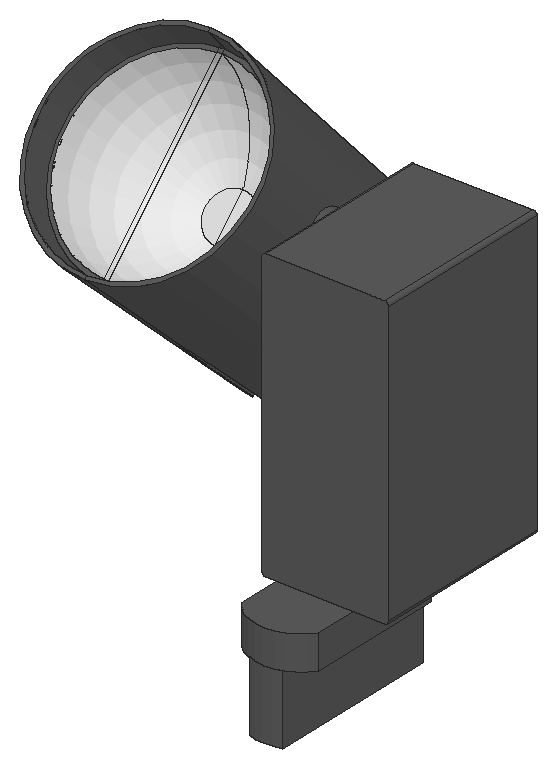
Revit family "0004940 Feilo Sylvania Lighting Fixture START TRACK SPOT S DALI 1262LM 930 WB BLK", category Lighting Fixtures, host Face, Revit 2017
Family settings
  Host = Face
  Round Connector Dimension = Use Diameter
  Part Type = Normal
  OmniClass Number = 23.80.70.00
  OmniClass Title = Lighting
  Cut with Voids When Loaded = No
  Light Source = No
  Shared = No
  Room Calculation Point = No
Parameters (values of type "0004940 START TRACK SPOT S DALI 1262LM 930 WB BLK")
  Weight = "0.94 kg"
  Wattage Comments = ""
  WarrantyStartDate [instance] = "n/a"
  WarrantyGuarantorParts = "n/a"
  WarrantyDurationUnit = "n/a"
  WarrantyDurationParts = "n/a"
  WarrantyDescription = "n/a"
  Voltage = 230 V
  URL = "http://www.sylvania-lighting.com/"
  TypeName = "START TRACK SPOT S DALI 1262LM 930 WB BLK"
  TypeHead_FEILO = Start Track Spot Head : 0004885 START TRACK SPOT S 14W 3K RA90 WB BLACK
  TypeBox_FEILO = Start Track Spot Box : Type Small Black
  Type Image = <None>
  Type Comments = "n/a"
  VerticalRotation_FEILO [instance] = 0.00°
  SlideEndAngle_FEILO [instance] = VerticalRotation_FEILO + 180.00°  # 180.00°
  SerialNumber [instance] = "n/a"
  Material_3_FEILO = none
  PowerFactor = 0.92
  PowerConsumption = "14 W"
  NominalLength = 0 mm
  NominalHeight = 200 mm
  NominalDepth = 140 mm
  Name = "START TRACK SPOT S DALI 1262LM 930 WB BLK"
  ModelReference = Name  # "START TRACK SPOT S DALI 1262LM 930 WB BLK"
  ModelNumber = "0004940"
  Model = Name  # "START TRACK SPOT S DALI 1262LM 930 WB BLK"
  Material = "adc12 aluminium housing, polycarbonate diffuser"
  ManufacturerName = "Feilo Sylvania"
  Manufacturer = "Feilo Sylvania"
  LuminousEfficacy = "90 lm/W"
  LuminaireType = ""
  LightOutputRatio = "100"
  LampsType = Lamp  # "LED"
  LampNominalLuminous = "1262 lm"
  LampMacAdamStep = "3"
  LampColourTemperature = "3000 K"
  LampColourRenderingIndex = "90"
  Lamp = "LED"
  Keynote = "16500"
  InstallationDate [instance] = "n/a"
  InputVoltage = "230-240V~"
  InputNominalFrequency = "50/60 Hz"
  IngressProtection = "IP20"
  ImpactProtectionIndex = "IK02"
  IfcExportType = "IfcLightFixtureType"
  IfcExportAs = "IfcLightFixtureType"
  HorizontalRotation_FEILO [instance] = 45.00°
  ExpectedLife = 50000
  ElectricShockClassification = "Class II"
  DurationUnit = "hours"
  DocumentationLiterature = "http://www.sylvania-lighting.com/product/en-int/products/0004885"
  DimmingControlOptions = "Dimmable"
  Material_2_FEILO = none
  Description = "Integrated LED spotlight, Textured Black - RAL9005, compact and minimalist design, ideal for retail applications, die-cast aluminium body, passive cooling heatsink. Beam angle: 64°, color temperature: 3000K , total system power: 14W, total fixture output: 1262 lm, LOR: 100%, colour rendering: Ra: 90 typical, LED Chromaticity: 3 step MacAdam ellipse, lifetime: >50000 hours at L70B50, energy class: A++, A+, A, IR/UV free light source without heat radiation, operating voltage: 220-240V / 50-60Hz, drive current: 350mA, electronic driver, non-dimmable, power factor: 0.92, electrical protection: Class II, Global Track 3 Phase adapter suitable for Global trac 3-circuit tracks, ingress protection rating: IP20, suitable for internal environment only, horizontal rotation: 355°, vertical tilt: 90°, dimensions: Ø86x140x200, weight: 0.940kg."
  Default Elevation = 1219.2 mm
  CreatedOn = "04/26/2018"
  CreatedBy = ""
  Cost = 0
  built-in parameter 1114216 [instance] = (empty or 0)
  ClassificationValue = "EF_70_80"
  ClassificationName = "Uniclass2015"
  Material_1_FEILO = Body-Sylvania-StartTrackSpot-Black
  BarCode [instance] = "n/a"
  AssetType = "Fixed"
  AssetIdentifier [instance] = "n/a"
  Assembly Code = "D5020200"
  Apparent Load = 14 VA
  Material_4_FEILO = none
Reference planes
  plane 1 "Center (Front/Back)": y = 0
  plane 2: z = 0
  plane 3 "Center (Left/Right)": x = 0
  plane 4: x = 15
  plane 5: x = -15
  plane 6: y = 35
  plane 7: y = -35
  plane 8: z = 13
  plane 9: z = -27
  plane 10: x = 6.5
  plane 11: x = -6.5
  plane 12: y = 27
  plane 13: y = -27
  plane 14: y = 20
Forms (mm)
  Extrusion 1, solid, material "Body-Sylvania-StartTrackSpot-Black" <- "Material_1_FEILO"
    sketch origin (0, 0, 0) x (1, 0, 0) y (0, 1, 0)
      loop
        line (-15, 27) -> (-15, -27)
        arc (-15, -27) -> (0, -35) -> (15, -27) r 18.062
        line (15, -27) -> (15, 27)
        arc (15, 27) -> (0, 35) -> (-15, 27) r 18.062
    from 0 to 13
  Extrusion 2, solid, material "Body-Sylvania-StartTrackSpot-Black" <- "Material_1_FEILO"
    sketch origin (0, 0, 0) x (1, 0, 0) y (0, 1, 0)
      loop
        arc (6.5, 33.79) -> (0, 35) -> (-6.5, 33.79) r 18.062
        line (-6.5, 33.79) -> (-6.5, -33.79)
        arc (-6.5, -33.79) -> (0, -35) -> (6.5, -33.79) r 18.062
        line (6.5, -33.79) -> (6.5, 33.79)
    from 0 to -27
  Revolve 3, solid, not visible
    sketch origin (1524, 20, 1219.2) x (1, 0, 0) y (0, 0, 1)
      loop
        line (-1524, -1206.2) -> (-1524, -1191.285) -> (-1530.5, -1191.285) -> (-1530.5, -1206.2) -> (-1524, -1206.2)
      axis (-1524, -1191.285) -> (-1524, -1206.2)
    angle from 0 <- "VerticalRotation_FEILO" to 180 <- "SlideEndAngle_FEILO"
Cuts and joins
  joined: Extrusion 1, Extrusion 2
Dimensions and locks
  equal spacing: plane 10, plane 3 "Center (Left/Right)", plane 11
  equal spacing: plane 4, plane 3 "Center (Left/Right)", plane 5
  locked: plane 8 to plane 2 at 13
  locked: plane 8 to plane 9 at 40
  equal spacing: plane 13, plane 1 "Center (Front/Back)", plane 12
  locked: plane 12 to plane 6 at 8
  locked: plane 14 to plane 6 at 15
  locked: Revolve 3 sketch curve to plane 8 at 14.915
  aligned and locked: plane 2 to host face
  aligned and locked: level to host face
  aligned and locked: plane 5 to Extrusion 1 sketch curve  (x2)
  aligned and locked: plane 12 to Extrusion 1 sketch curve
  aligned and locked: plane 13 to Extrusion 1 sketch curve
  aligned and locked: plane 4 to Extrusion 1 sketch curve
  aligned and locked: Extrusion 1 to plane 8
  aligned and locked: Extrusion 1 to level
  aligned and locked: Extrusion 2 sketch curve to Extrusion 1  (x2)
  aligned and locked: Extrusion 2 sketch curve to plane 11
  aligned and locked: plane 10 to Extrusion 2 sketch curve
  aligned and locked: plane 9 to Extrusion 2
  aligned and locked: level to Extrusion 2
  aligned and locked: Revolve 3 sketch curve to plane 3 "Center (Left/Right)"  (x2)
  aligned and locked: plane 11 to Revolve 3 sketch curve
  aligned and locked: Revolve 3 sketch curve to plane 8
Automatic sketch dimensions
  host sketch curve to host sketch curve = 2438.4 mm  (x2)
  Extrusion 1 sketch curve to plane 3 "Center (Left/Right)" = 0 mm  (x2)
  Extrusion 1 sketch curve to plane 13 = 10.062 mm
  plane 12 to Extrusion 1 sketch curve = 10.062 mm
  Revolve 3 sketch curve to plane 3 "Center (Left/Right)" = 0 mm
  plane 9 to Revolve 3 sketch curve = 582.6 mm
  Revolve 3 sketch curve to Revolve 3 sketch curve = 2581.144 mm
Nested families
  nested 1: "Start Track Spot Head" at (-62, 20, 112.529) x (0, 0.7071, 0.7071) z (0, 0.7071, -0.7071), type <- "TypeHead_FEILO", type "0004885 START TRACK SPOT S 14W 3K RA90 WB BLACK"
    with built-in parameter 1114216 (empty or 0)
  nested 2: "Start Track Spot Box" at (8.5, 20, 73) x (-1, 0, 0) z (0, -1, 0), BoxStartAngle_FEILO <- "HorizontalRotation_FEILO", type <- "TypeBox_FEILO", type "Type Small Black"
    with BoxStartAngle_FEILO 45.00°, BoxEndAngle_FEILO -135.00°
Connectors
  electrical at (0, 0, 0), driven by "Apparent Load", driven by "PowerFactor", driven by "Voltage"
    settings: index 1, voltage 230 V, apparent load 14 VA, apparent load phase1 0 VA, apparent load phase2 0 VA, apparent load phase3 0 VA, power factor 0.92, load classification "Lighting", number of poles 1, system type 30, power factor state 1, is connector primary yes, connector utility no, sub classification motor no, connector description ""
Definition of nested family "Start Track Spot Head"
  Parameters (values of type "0004811 START TRACK SPOT S 14W 3K RA80 NB WHITE")
    Wattage Comments = "n/a"
    Wattage = 14 W
    built-in parameter 1150110 = 1 (stored number, unit not read)
    URL = "http://www.feilosylvania.com"
    Type Image = (empty or 0)
    Type Comments = "n/a"
    built-in parameter 1114217 = 1 (stored number, unit not read)
    Tilt Angle = -90.00°
    built-in parameter 1150109 = 1 (stored number, unit not read)
    built-in parameter 1150134 = (empty or 0)
    built-in parameter 1150113 = 1 (stored number, unit not read)
    Photometric Web File = "0004811.ies"
    Material_3_FEILO = none
    Model = "START TRACK SPOT S 14W 3K RA80 NB WHITE"
    Manufacturer = "Feilo Sylvania"
    built-in parameter 1150105 = 123.66 (stored number, unit not read)
    Lumens = 1554 lm
    built-in parameter 1150115 = 1 (stored number, unit not read)
    built-in parameter 1150137 = (empty or 0)
    built-in parameter 1150139 = (empty or 0)
    built-in parameter 1150112 = 1 (stored number, unit not read)
    built-in parameter 1150114 = 1 (stored number, unit not read)
    Lamp = "LED"
    Keynote = "16500"
    Material_2_FEILO = none
    built-in parameter 1150132 = (empty or 0)
    built-in parameter 1150102 = (empty or 0)
    built-in parameter 1150107 = 3000 (stored number, unit not read)
    built-in parameter 1150138 = (empty or 0)
    built-in parameter 1150106 = 1.2366 (stored number, unit not read)
    HeadThickness_FEILO = if(HeadDiaOut_FEILO > 112 mm, 2 mm, 1.5 mm)  # 1.5 mm
    HeadRibOffset_FEILO = HeadHeight_FEILO / 28  # 4.179 mm
    HeadRibDepth_FEILO = HeadHeight_FEILO / 2.1  # 55.714 mm
    HeadRibCutWidth_FEILO = HeadDiaOut_FEILO / 12  # 7.167 mm
    HeadRibCutOffset_FEILO = HeadHeight_FEILO / 2.3  # 50.87 mm
    HeadReflectorRadius_FEILO = HeadDiaOut_FEILO / 1.7  # 50.588 mm
    HeadReflectorOffset_FEILO = HeadHeight_FEILO / 2.1  # 55.714 mm
    HeadLEDRadius_FEILO = HeadDiaOut_FEILO / 9  # 9.556 mm
    HeadHeight_FEILO = 117 mm
    HeadDraft_FEILO = 1 mm
    HeadDiffusorThickness_FEILO = 3 mm
    HeadDiffusorOffset_FEILO = HeadHeight_FEILO / 12.4  # 9.435 mm
    HeadDiaOut_FEILO = 86 mm
    HeadDiaIn_FEILO = HeadDiaOut_FEILO / 1.11  # 77.477 mm
    HeadAxisFromTop_FEILO = HeadHeight_FEILO / 1.687  # 69.354 mm
    Emit from Circle Diameter = HeadDiaIn_FEILO  # 77.477 mm
    Emit Shape Visible in Rendering = no
    built-in parameter 1150104 = 10.312 (stored number, unit not read)
    Dimming Lamp Color Temperature Shift = (empty or 0)
    Description = "Integrated LED spotlight, Textured White - RAL9016, compact and minimalist design, ideal for retail applications, die-cast aluminium body, passive cooling heatsink. Beam angle: 12°, color temperature: 3000K , total system power: 14W, total fixture output: 1551 lm, LOR: 100%, colour rendering: Ra: 80 typical, LED Chromaticity: 3 step MacAdam ellipse, lifetime: >50000 hours at L70B50, energy class: A++, A+, A, IR/UV free light source without heat radiation, operating voltage: 220-240V / 50-60Hz, drive current: 350mA, electronic driver, non-dimmable, power factor: 0.92, electrical protection: Class II, Global Track 3 Phase adapter suitable for Global trac 3-circuit tracks, ingress protection rating: IP20, suitable for internal environment only, horizontal rotation: 355°, vertical tilt: 90°, dimensions: Ø86x140x200, weight: 0.940kg."
    Default Elevation = 1219.2 mm
    Cost = 0
    Color Filter = 16777215
    built-in parameter 1114216 [instance] = (empty or 0)
    Material_1_FEILO = none
    built-in parameter 1114218 = 1 (stored number, unit not read)
    built-in parameter 1150133 = 10 (stored number, unit not read)
    Assembly Code = "D5020200"
    Apparent Load = 14 VA
    Material_4_FEILO = none
  Types (96, lengths in mm): name | Wattage | built-in parameter 1150134 | Photometric Web File | Model | built-in parameter 1150105 | Lumens | built-in parameter 1150107 | built-in parameter 1150106 | HeadThickness_FEILO | HeadRibOffset_FEILO | HeadRibDepth_FEILO | HeadRibCutWidth_FEILO | HeadRibCutOffset_FEILO | HeadReflectorRadius_FEILO | HeadReflectorOffset_FEILO | HeadLEDRadius_FEILO | HeadHeight_FEILO | HeadDiffusorOffset_FEILO | HeadDiaOut_FEILO | HeadDiaIn_FEILO | HeadAxisFromTop_FEILO | Emit from Circle Diameter | built-in parameter 1150104 | Description | Apparent Load
    0004906 START TRACK SPOT L 55W 4K RA90 WB BLACK | 55 W | 12 | "0004906.ies" | "START TRACK SPOT L 55W 4K RA90 WB BLACK" | 385.15 (stored number, unit not read) | 4840 lm | 4000 (stored number, unit not read) | 3.8515 (stored number, unit not read) | 2 | 4.429 | 59.048 | 9.417 | 53.913 | 66.471 | 59.048 | 12.556 | 124 | 10 | 113 | 101.802 | 73.503 | 101.802 | 8.1755 (stored number, unit not read) | "Integrated LED spotlight, Textured Black - RAL9005, compact and minimalist design, ideal for retail applications, die-cast aluminium body, passive cooling heatsink. Beam angle: 52°, color temperature: 4000K , total system power: 55W, total fixture output: 4824 lm, LOR: 100%, colour rendering: Ra: 90 typical, LED Chromaticity: 3 step MacAdam ellipse, lifetime: >50000 hours at L70B50, energy class: A++, A+, A, IR/UV free light source without heat radiation, operating voltage: 220-240V / 50-60Hz, drive current: 1400mA, electronic driver, non-dimmable, power factor: 0.96, electrical protection: Class II, Global Track 3 Phase adapter suitable for Global trac 3-circuit tracks, ingress protection rating: IP20, suitable for internal environment only, horizontal rotation: 355°, vertical tilt: 90°, dimensions: Ø113x164x240, weight: 1.398kg." | 55 VA
    0004905 START TRACK SPOT L 55W 4K RA90 MB BLACK | 55 W | 12 | "0004905.ies" | "START TRACK SPOT L 55W 4K RA90 MB BLACK" | 389.53 (stored number, unit not read) | 4895 lm | 4000 (stored number, unit not read) | 3.8953 (stored number, unit not read) | 2 | 4.429 | 59.048 | 9.417 | 53.913 | 66.471 | 59.048 | 12.556 | 124 | 10 | 113 | 101.802 | 73.503 | 101.802 | 8.2684 (stored number, unit not read) | "Integrated LED spotlight, Textured Black - RAL9005, compact and minimalist design, ideal for retail applications, die-cast aluminium body, passive cooling heatsink. Beam angle: 38°, color temperature: 4000K , total system power: 55W, total fixture output: 4897 lm, LOR: 100%, colour rendering: Ra: 90 typical, LED Chromaticity: 3 step MacAdam ellipse, lifetime: >50000 hours at L70B50, energy class: A++, A+, A, IR/UV free light source without heat radiation, operating voltage: 220-240V / 50-60Hz, drive current: 1400mA, electronic driver, non-dimmable, power factor: 0.96, electrical protection: Class II, Global Track 3 Phase adapter suitable for Global trac 3-circuit tracks, ingress protection rating: IP20, suitable for internal environment only, horizontal rotation: 355°, vertical tilt: 90°, dimensions: Ø113x164x240, weight: 1.398kg." | 55 VA
    0004904 START TRACK SPOT L 55W 4K RA90 NB BLACK | 55 W | 12 | "0004904.ies" | "START TRACK SPOT L 55W 4K RA90 NB BLACK" | 393.91 (stored number, unit not read) | 4950 lm | 4000 (stored number, unit not read) | 3.9391 (stored number, unit not read) | 2 | 4.429 | 59.048 | 9.417 | 53.913 | 66.471 | 59.048 | 12.556 | 124 | 10 | 113 | 101.802 | 73.503 | 101.802 | 8.3613 (stored number, unit not read) | "Integrated LED spotlight, Textured Black - RAL9005, compact and minimalist design, ideal for retail applications, die-cast aluminium body, passive cooling heatsink. Beam angle: 15°, color temperature: 4000K , total system power: 55W, total fixture output: 4965 lm, LOR: 100%, colour rendering: Ra: 90 typical, LED Chromaticity: 3 step MacAdam ellipse, lifetime: >50000 hours at L70B50, energy class: A++, A+, A, IR/UV free light source without heat radiation, operating voltage: 220-240V / 50-60Hz, drive current: 1400mA, electronic driver, non-dimmable, power factor: 0.96, electrical protection: Class II, Global Track 3 Phase adapter suitable for Global trac 3-circuit tracks, ingress protection rating: IP20, suitable for internal environment only, horizontal rotation: 355°, vertical tilt: 90°, dimensions: Ø113x164x240, weight: 1.398kg." | 55 VA
    0004903 START TRACK SPOT L 35W 4K RA90 WB BLACK | 35 W | 12 | "0004903.ies" | "START TRACK SPOT L 35W 4K RA90 WB BLACK" | 284.09 (stored number, unit not read) | 3570 lm | 4000 (stored number, unit not read) | 2.8409 (stored number, unit not read) | 2 | 4.429 | 59.048 | 9.417 | 53.913 | 66.471 | 59.048 | 12.556 | 124 | 10 | 113 | 101.802 | 73.503 | 101.802 | 9.4761 (stored number, unit not read) | "Integrated LED spotlight, Textured Black - RAL9005, compact and minimalist design, ideal for retail applications, die-cast aluminium body, passive cooling heatsink. Beam angle: 52°, color temperature: 4000K , total system power: 35W, total fixture output: 3562 lm, LOR: 100%, colour rendering: Ra: 90 typical, LED Chromaticity: 3 step MacAdam ellipse, lifetime: >50000 hours at L70B50, energy class: A++, A+, A, IR/UV free light source without heat radiation, operating voltage: 220-240V / 50-60Hz, drive current: 900mA, electronic driver, non-dimmable, power factor: 0.93, electrical protection: Class II, Global Track 3 Phase adapter suitable for Global trac 3-circuit tracks, ingress protection rating: IP20, suitable for internal environment only, horizontal rotation: 355°, vertical tilt: 90°, dimensions: Ø113x164x240, weight: 1.368kg." | 35 VA
    0004902 START TRACK SPOT L 35W 4K RA90 MB BLACK | 35 W | 12 | "0004902.ies" | "START TRACK SPOT L 35W 4K RA90 MB BLACK" | 286.88 (stored number, unit not read) | 3605 lm | 4000 (stored number, unit not read) | 2.8688 (stored number, unit not read) | 2 | 4.429 | 59.048 | 9.417 | 53.913 | 66.471 | 59.048 | 12.556 | 124 | 10 | 113 | 101.802 | 73.503 | 101.802 | 9.569 (stored number, unit not read) | "Integrated LED spotlight, Textured Black - RAL9005, compact and minimalist design, ideal for retail applications, die-cast aluminium body, passive cooling heatsink. Beam angle: 38°, color temperature: 4000K , total system power: 35W, total fixture output: 3616 lm, LOR: 100%, colour rendering: Ra: 90 typical, LED Chromaticity: 3 step MacAdam ellipse, lifetime: >50000 hours at L70B50, energy class: A++, A+, A, IR/UV free light source without heat radiation, operating voltage: 220-240V / 50-60Hz, drive current: 900mA, electronic driver, non-dimmable, power factor: 0.93, electrical protection: Class II, Global Track 3 Phase adapter suitable for Global trac 3-circuit tracks, ingress protection rating: IP20, suitable for internal environment only, horizontal rotation: 355°, vertical tilt: 90°, dimensions: Ø113x164x240, weight: 1.368kg." | 35 VA
    0004901 START TRACK SPOT L 35W 4K RA90 NB BLACK | 35 W | 12 | "0004901.ies" | "START TRACK SPOT L 35W 4K RA90 NB BLACK" | 286.88 (stored number, unit not read) | 3605 lm | 4000 (stored number, unit not read) | 2.8688 (stored number, unit not read) | 2 | 4.429 | 59.048 | 9.417 | 53.913 | 66.471 | 59.048 | 12.556 | 124 | 10 | 113 | 101.802 | 73.503 | 101.802 | 9.569 (stored number, unit not read) | "Integrated LED spotlight, Textured Black - RAL9005, compact and minimalist design, ideal for retail applications, die-cast aluminium body, passive cooling heatsink. Beam angle: 15°, color temperature: 4000K , total system power: 35W, total fixture output: 3593 lm, LOR: 100%, colour rendering: Ra: 90 typical, LED Chromaticity: 3 step MacAdam ellipse, lifetime: >50000 hours at L70B50, energy class: A++, A+, A, IR/UV free light source without heat radiation, operating voltage: 220-240V / 50-60Hz, drive current: 900mA, electronic driver, non-dimmable, power factor: 0.93, electrical protection: Class II, Global Track 3 Phase adapter suitable for Global trac 3-circuit tracks, ingress protection rating: IP20, suitable for internal environment only, horizontal rotation: 355°, vertical tilt: 90°, dimensions: Ø113x164x240, weight: 1.368kg." | 35 VA
    0004900 START TRACK SPOT S 24W 4K RA90 WB BLACK | 24 W | 12 | "0004900.ies" | "START TRACK SPOT S 24W 4K RA90 WB BLACK" | 166.16 (stored number, unit not read) | 2088 lm | 4000 (stored number, unit not read) | 1.6616 (stored number, unit not read) | 1.5 | 4.179 | 55.714 | 7.167 | 50.87 | 50.588 | 55.714 | 9.556 | 117 | 9.435 | 86 | 77.477 | 69.354 | 77.477 | 8.0826 (stored number, unit not read) | "Integrated LED spotlight, Textured Black - RAL9005, compact and minimalist design, ideal for retail applications, die-cast aluminium body, passive cooling heatsink. Beam angle: 64°, color temperature: 4000K , total system power: 24W, total fixture output: 2087 lm, LOR: 100%, colour rendering: Ra: 90 typical, LED Chromaticity: 3 step MacAdam ellipse, lifetime: >50000 hours at L70B50, energy class: A++, A+, A, IR/UV free light source without heat radiation, operating voltage: 220-240V / 50-60Hz, drive current: 600mA, electronic driver, non-dimmable, power factor: 0.95, electrical protection: Class II, Global Track 3 Phase adapter suitable for Global trac 3-circuit tracks, ingress protection rating: IP20, suitable for internal environment only, horizontal rotation: 355°, vertical tilt: 90°, dimensions: Ø86x140x200, weight: 0.966kg." | 24 VA
    0004899 START TRACK SPOT S 24W 4K RA90 MB BLACK | 24 W | 12 | "0004899.ies" | "START TRACK SPOT S 24W 4K RA90 MB BLACK" | 169.98 (stored number, unit not read) | 2136 lm | 4000 (stored number, unit not read) | 1.6998 (stored number, unit not read) | 1.5 | 4.179 | 55.714 | 7.167 | 50.87 | 50.588 | 55.714 | 9.556 | 117 | 9.435 | 86 | 77.477 | 69.354 | 77.477 | 8.2684 (stored number, unit not read) | "Integrated LED spotlight, Textured Black - RAL9005, compact and minimalist design, ideal for retail applications, die-cast aluminium body, passive cooling heatsink. Beam angle: 36°, color temperature: 4000K , total system power: 24W, total fixture output: 2141 lm, LOR: 100%, colour rendering: Ra: 90 typical, LED Chromaticity: 3 step MacAdam ellipse, lifetime: >50000 hours at L70B50, energy class: A++, A+, A, IR/UV free light source without heat radiation, operating voltage: 220-240V / 50-60Hz, drive current: 600mA, electronic driver, non-dimmable, power factor: 0.95, electrical protection: Class II, Global Track 3 Phase adapter suitable for Global trac 3-circuit tracks, ingress protection rating: IP20, suitable for internal environment only, horizontal rotation: 355°, vertical tilt: 90°, dimensions: Ø86x140x200, weight: 0.966kg." | 24 VA
    0004898 START TRACK SPOT S 24W 4K RA90 NB BLACK | 24 W | 12 | "0004898.ies" | "START TRACK SPOT S 24W 4K RA90 NB BLACK" | 171.89 (stored number, unit not read) | 2160 lm | 4000 (stored number, unit not read) | 1.7189 (stored number, unit not read) | 1.5 | 4.179 | 55.714 | 7.167 | 50.87 | 50.588 | 55.714 | 9.556 | 117 | 9.435 | 86 | 77.477 | 69.354 | 77.477 | 8.3613 (stored number, unit not read) | "Integrated LED spotlight, Textured Black - RAL9005, compact and minimalist design, ideal for retail applications, die-cast aluminium body, passive cooling heatsink. Beam angle: 12°, color temperature: 4000K , total system power: 24W, total fixture output: 2155 lm, LOR: 100%, colour rendering: Ra: 90 typical, LED Chromaticity: 3 step MacAdam ellipse, lifetime: >50000 hours at L70B50, energy class: A++, A+, A, IR/UV free light source without heat radiation, operating voltage: 220-240V / 50-60Hz, drive current: 600mA, electronic driver, non-dimmable, power factor: 0.95, electrical protection: Class II, Global Track 3 Phase adapter suitable for Global trac 3-circuit tracks, ingress protection rating: IP20, suitable for internal environment only, horizontal rotation: 355°, vertical tilt: 90°, dimensions: Ø86x140x200, weight: 0.966kg." | 24 VA
    0004897 START TRACK SPOT S 14W 4K RA90 WB BLACK | 14 W | 12 | "0004897.ies" | "START TRACK SPOT S 14W 4K RA90 WB BLACK" | 108.07 (stored number, unit not read) | 1358 lm | 4000 (stored number, unit not read) | 1.0807 (stored number, unit not read) | 1.5 | 4.179 | 55.714 | 7.167 | 50.87 | 50.588 | 55.714 | 9.556 | 117 | 9.435 | 86 | 77.477 | 69.354 | 77.477 | 9.0116 (stored number, unit not read) | "Integrated LED spotlight, Textured Black - RAL9005, compact and minimalist design, ideal for retail applications, die-cast aluminium body, passive cooling heatsink. Beam angle: 64°, color temperature: 4000K , total system power: 14W, total fixture output: 1352 lm, LOR: 100%, colour rendering: Ra: 90 typical, LED Chromaticity: 3 step MacAdam ellipse, lifetime: >50000 hours at L70B50, energy class: A++, A+, A, IR/UV free light source without heat radiation, operating voltage: 220-240V / 50-60Hz, drive current: 350mA, electronic driver, non-dimmable, power factor: 0.92, electrical protection: Class II, Global Track 3 Phase adapter suitable for Global trac 3-circuit tracks, ingress protection rating: IP20, suitable for internal environment only, horizontal rotation: 355°, vertical tilt: 90°, dimensions: Ø86x140x200, weight: 0.940kg." | 14 VA
    0004896 START TRACK SPOT S 14W 4K RA90 MB BLACK | 14 W | 12 | "0004896.ies" | "START TRACK SPOT S 14W 4K RA90 MB BLACK" | 108.07 (stored number, unit not read) | 1358 lm | 4000 (stored number, unit not read) | 1.0807 (stored number, unit not read) | 1.5 | 4.179 | 55.714 | 7.167 | 50.87 | 50.588 | 55.714 | 9.556 | 117 | 9.435 | 86 | 77.477 | 69.354 | 77.477 | 9.0116 (stored number, unit not read) | "Integrated LED spotlight, Textured Black - RAL9005, compact and minimalist design, ideal for retail applications, die-cast aluminium body, passive cooling heatsink. Beam angle: 36°, color temperature: 4000K , total system power: 14W, total fixture output: 1359 lm, LOR: 100%, colour rendering: Ra: 90 typical, LED Chromaticity: 3 step MacAdam ellipse, lifetime: >50000 hours at L70B50, energy class: A++, A+, A, IR/UV free light source without heat radiation, operating voltage: 220-240V / 50-60Hz, drive current: 350mA, electronic driver, non-dimmable, power factor: 0.92, electrical protection: Class II, Global Track 3 Phase adapter suitable for Global trac 3-circuit tracks, ingress protection rating: IP20, suitable for internal environment only, horizontal rotation: 355°, vertical tilt: 90°, dimensions: Ø86x140x200, weight: 0.940kg." | 14 VA
    0004895 START TRACK SPOT S 14W 4K RA90 NB BLACK | 14 W | 12 | "0004895.ies" | "START TRACK SPOT S 14W 4K RA90 NB BLACK" | 106.95 (stored number, unit not read) | 1344 lm | 4000 (stored number, unit not read) | 1.0695 (stored number, unit not read) | 1.5 | 4.179 | 55.714 | 7.167 | 50.87 | 50.588 | 55.714 | 9.556 | 117 | 9.435 | 86 | 77.477 | 69.354 | 77.477 | 8.9187 (stored number, unit not read) | "Integrated LED spotlight, Textured Black - RAL9005, compact and minimalist design, ideal for retail applications, die-cast aluminium body, passive cooling heatsink. Beam angle: 12°, color temperature: 4000K , total system power: 14W, total fixture output: 1349 lm, LOR: 100%, colour rendering: Ra: 90 typical, LED Chromaticity: 3 step MacAdam ellipse, lifetime: >50000 hours at L70B50, energy class: A++, A+, A, IR/UV free light source without heat radiation, operating voltage: 220-240V / 50-60Hz, drive current: 350mA, electronic driver, non-dimmable, power factor: 0.92, electrical protection: Class II, Global Track 3 Phase adapter suitable for Global trac 3-circuit tracks, ingress protection rating: IP20, suitable for internal environment only, horizontal rotation: 355°, vertical tilt: 90°, dimensions: Ø86x140x200, weight: 0.940kg." | 14 VA
    0004894 START TRACK SPOT L 55W 3K RA90 WB BLACK | 55 W | (empty or 0) | "0004894.ies" | "START TRACK SPOT L 55W 3K RA90 WB BLACK" | 350.14 (stored number, unit not read) | 4400 lm | 3000 (stored number, unit not read) | 3.5014 (stored number, unit not read) | 2 | 4.429 | 59.048 | 9.417 | 53.913 | 66.471 | 59.048 | 12.556 | 124 | 10 | 113 | 101.802 | 73.503 | 101.802 | 7.4322 (stored number, unit not read) | "Integrated LED spotlight, Textured Black - RAL9005, compact and minimalist design, ideal for retail applications, die-cast aluminium body, passive cooling heatsink. Beam angle: 52°, color temperature: 3000K , total system power: 55W, total fixture output: 4405 lm, LOR: 100%, colour rendering: Ra: 90 typical, LED Chromaticity: 3 step MacAdam ellipse, lifetime: >50000 hours at L70B50, energy class: A++, A+, A, IR/UV free light source without heat radiation, operating voltage: 220-240V / 50-60Hz, drive current: 1400mA, electronic driver, non-dimmable, power factor: 0.96, electrical protection: Class II, Global Track 3 Phase adapter suitable for Global trac 3-circuit tracks, ingress protection rating: IP20, suitable for internal environment only, horizontal rotation: 355°, vertical tilt: 90°, dimensions: Ø113x164x240, weight: 1.398kg." | 55 VA
    0004893 START TRACK SPOT L 55W 3K RA90 MB BLACK | 55 W | (empty or 0) | "0004893.ies" | "START TRACK SPOT L 55W 3K RA90 MB BLACK" | 354.52 (stored number, unit not read) | 4455 lm | 3000 (stored number, unit not read) | 3.5452 (stored number, unit not read) | 2 | 4.429 | 59.048 | 9.417 | 53.913 | 66.471 | 59.048 | 12.556 | 124 | 10 | 113 | 101.802 | 73.503 | 101.802 | 7.5251 (stored number, unit not read) | "Integrated LED spotlight, Textured Black - RAL9005, compact and minimalist design, ideal for retail applications, die-cast aluminium body, passive cooling heatsink. Beam angle: 38°, color temperature: 3000K , total system power: 55W, total fixture output: 4448 lm, LOR: 100%, colour rendering: Ra: 90 typical, LED Chromaticity: 3 step MacAdam ellipse, lifetime: >50000 hours at L70B50, energy class: A++, A+, A, IR/UV free light source without heat radiation, operating voltage: 220-240V / 50-60Hz, drive current: 1400mA, electronic driver, non-dimmable, power factor: 0.96, electrical protection: Class II, Global Track 3 Phase adapter suitable for Global trac 3-circuit tracks, ingress protection rating: IP20, suitable for internal environment only, horizontal rotation: 355°, vertical tilt: 90°, dimensions: Ø113x164x240, weight: 1.398kg." | 55 VA
    0004892 START TRACK SPOT L 55W 3K RA90 NB BLACK | 55 W | (empty or 0) | "0004892.ies" | "START TRACK SPOT L 55W 3K RA90 NB BLACK" | 350.14 (stored number, unit not read) | 4400 lm | 3000 (stored number, unit not read) | 3.5014 (stored number, unit not read) | 2 | 4.429 | 59.048 | 9.417 | 53.913 | 66.471 | 59.048 | 12.556 | 124 | 10 | 113 | 101.802 | 73.503 | 101.802 | 7.4322 (stored number, unit not read) | "Integrated LED spotlight, Textured Black - RAL9005, compact and minimalist design, ideal for retail applications, die-cast aluminium body, passive cooling heatsink. Beam angle: 15°, color temperature: 3000K , total system power: 55W, total fixture output: 4416 lm, LOR: 100%, colour rendering: Ra: 90 typical, LED Chromaticity: 3 step MacAdam ellipse, lifetime: >50000 hours at L70B50, energy class: A++, A+, A, IR/UV free light source without heat radiation, operating voltage: 220-240V / 50-60Hz, drive current: 1400mA, electronic driver, non-dimmable, power factor: 0.96, electrical protection: Class II, Global Track 3 Phase adapter suitable for Global trac 3-circuit tracks, ingress protection rating: IP20, suitable for internal environment only, horizontal rotation: 355°, vertical tilt: 90°, dimensions: Ø113x164x240, weight: 1.398kg." | 55 VA
    0004891 START TRACK SPOT L 35W 3K RA90 WB BLACK | 35 W | (empty or 0) | "0004891.ies" | "START TRACK SPOT L 35W 3K RA90 WB BLACK" | 259.02 (stored number, unit not read) | 3255 lm | 3000 (stored number, unit not read) | 2.5902 (stored number, unit not read) | 2 | 4.429 | 59.048 | 9.417 | 53.913 | 66.471 | 59.048 | 12.556 | 124 | 10 | 113 | 101.802 | 73.503 | 101.802 | 8.64 (stored number, unit not read) | "Integrated LED spotlight, Textured Black - RAL9005, compact and minimalist design, ideal for retail applications, die-cast aluminium body, passive cooling heatsink. Beam angle: 52°, color temperature: 3000K , total system power: 35W, total fixture output: 3260 lm, LOR: 100%, colour rendering: Ra: 90 typical, LED Chromaticity: 3 step MacAdam ellipse, lifetime: >50000 hours at L70B50, energy class: A++, A+, A, IR/UV free light source without heat radiation, operating voltage: 220-240V / 50-60Hz, drive current: 900mA, electronic driver, non-dimmable, power factor: 0.93, electrical protection: Class II, Global Track 3 Phase adapter suitable for Global trac 3-circuit tracks, ingress protection rating: IP20, suitable for internal environment only, horizontal rotation: 355°, vertical tilt: 90°, dimensions: Ø113x164x240, weight: 1.368kg." | 35 VA
    0004890 START TRACK SPOT L 35W 3K RA90 MB BLACK | 35 W | (empty or 0) | "0004890.ies" | "START TRACK SPOT L 35W 3K RA90 MB BLACK" | 261.81 (stored number, unit not read) | 3290 lm | 3000 (stored number, unit not read) | 2.6181 (stored number, unit not read) | 2 | 4.429 | 59.048 | 9.417 | 53.913 | 66.471 | 59.048 | 12.556 | 124 | 10 | 113 | 101.802 | 73.503 | 101.802 | 8.7329 (stored number, unit not read) | "Integrated LED spotlight, Textured Black - RAL9005, compact and minimalist design, ideal for retail applications, die-cast aluminium body, passive cooling heatsink. Beam angle: 38°, color temperature: 3000K , total system power: 35W, total fixture output: 3306 lm, LOR: 100%, colour rendering: Ra: 90 typical, LED Chromaticity: 3 step MacAdam ellipse, lifetime: >50000 hours at L70B50, energy class: A++, A+, A, IR/UV free light source without heat radiation, operating voltage: 220-240V / 50-60Hz, drive current: 900mA, electronic driver, non-dimmable, power factor: 0.93, electrical protection: Class II, Global Track 3 Phase adapter suitable for Global trac 3-circuit tracks, ingress protection rating: IP20, suitable for internal environment only, horizontal rotation: 355°, vertical tilt: 90°, dimensions: Ø113x164x240, weight: 1.368kg." | 35 VA
    0004889 START TRACK SPOT L 35W 3K RA90 NB BLACK | 35 W | (empty or 0) | "0004889.ies" | "START TRACK SPOT L 35W 3K RA90 NB BLACK" | 261.81 (stored number, unit not read) | 3290 lm | 3000 (stored number, unit not read) | 2.6181 (stored number, unit not read) | 2 | 4.429 | 59.048 | 9.417 | 53.913 | 66.471 | 59.048 | 12.556 | 124 | 10 | 113 | 101.802 | 73.503 | 101.802 | 8.7329 (stored number, unit not read) | "Integrated LED spotlight, Textured Black - RAL9005, compact and minimalist design, ideal for retail applications, die-cast aluminium body, passive cooling heatsink. Beam angle: 15°, color temperature: 3000K , total system power: 35W, total fixture output: 3287 lm, LOR: 100%, colour rendering: Ra: 90 typical, LED Chromaticity: 3 step MacAdam ellipse, lifetime: >50000 hours at L70B50, energy class: A++, A+, A, IR/UV free light source without heat radiation, operating voltage: 220-240V / 50-60Hz, drive current: 900mA, electronic driver, non-dimmable, power factor: 0.93, electrical protection: Class II, Global Track 3 Phase adapter suitable for Global trac 3-circuit tracks, ingress protection rating: IP20, suitable for internal environment only, horizontal rotation: 355°, vertical tilt: 90°, dimensions: Ø113x164x240, weight: 1.368kg." | 35 VA
    0004888 START TRACK SPOT S 24W 3K RA90 WB BLACK | 24 W | (empty or 0) | "0004888.ies" | "START TRACK SPOT S 24W 3K RA90 WB BLACK" | 152.79 (stored number, unit not read) | 1920 lm | 3000 (stored number, unit not read) | 1.5279 (stored number, unit not read) | 1.5 | 4.179 | 55.714 | 7.167 | 50.87 | 50.588 | 55.714 | 9.556 | 117 | 9.435 | 86 | 77.477 | 69.354 | 77.477 | 7.4322 (stored number, unit not read) | "Integrated LED spotlight, Textured Black - RAL9005, compact and minimalist design, ideal for retail applications, die-cast aluminium body, passive cooling heatsink. Beam angle: 64°, color temperature: 3000K , total system power: 24W, total fixture output: 1928 lm, LOR: 100%, colour rendering: Ra: 90 typical, LED Chromaticity: 3 step MacAdam ellipse, lifetime: >50000 hours at L70B50, energy class: A++, A+, A, IR/UV free light source without heat radiation, operating voltage: 220-240V / 50-60Hz, drive current: 600mA, electronic driver, non-dimmable, power factor: 0.95, electrical protection: Class II, Global Track 3 Phase adapter suitable for Global trac 3-circuit tracks, ingress protection rating: IP20, suitable for internal environment only, horizontal rotation: 355°, vertical tilt: 90°, dimensions: Ø86x140x200, weight: 0.966kg." | 24 VA
    0004887 START TRACK SPOT S 24W 3K RA90 MB BLACK | 24 W | (empty or 0) | "0004887.ies" | "START TRACK SPOT S 24W 3K RA90 MB BLACK" | 154.7 (stored number, unit not read) | 1944 lm | 3000 (stored number, unit not read) | 1.547 (stored number, unit not read) | 1.5 | 4.179 | 55.714 | 7.167 | 50.87 | 50.588 | 55.714 | 9.556 | 117 | 9.435 | 86 | 77.477 | 69.354 | 77.477 | 7.5251 (stored number, unit not read) | "Integrated LED spotlight, Textured Black - RAL9005, compact and minimalist design, ideal for retail applications, die-cast aluminium body, passive cooling heatsink. Beam angle: 36°, color temperature: 3000K , total system power: 24W, total fixture output: 1944 lm, LOR: 100%, colour rendering: Ra: 90 typical, LED Chromaticity: 3 step MacAdam ellipse, lifetime: >50000 hours at L70B50, energy class: A++, A+, A, IR/UV free light source without heat radiation, operating voltage: 220-240V / 50-60Hz, drive current: 600mA, electronic driver, non-dimmable, power factor: 0.95, electrical protection: Class II, Global Track 3 Phase adapter suitable for Global trac 3-circuit tracks, ingress protection rating: IP20, suitable for internal environment only, horizontal rotation: 355°, vertical tilt: 90°, dimensions: Ø86x140x200, weight: 0.966kg." | 24 VA
    0004886 START TRACK SPOT S 24W 3K RA90 NB BLACK | 24 W | (empty or 0) | "0004886.ies" | "START TRACK SPOT S 24W 3K RA90 NB BLACK" | 158.52 (stored number, unit not read) | 1992 lm | 3000 (stored number, unit not read) | 1.5852 (stored number, unit not read) | 1.5 | 4.179 | 55.714 | 7.167 | 50.87 | 50.588 | 55.714 | 9.556 | 117 | 9.435 | 86 | 77.477 | 69.354 | 77.477 | 7.711 (stored number, unit not read) | "Integrated LED spotlight, Textured Black - RAL9005, compact and minimalist design, ideal for retail applications, die-cast aluminium body, passive cooling heatsink. Beam angle: 12°, color temperature: 3000K , total system power: 24W, total fixture output: 1987 lm, LOR: 100%, colour rendering: Ra: 90 typical, LED Chromaticity: 3 step MacAdam ellipse, lifetime: >50000 hours at L70B50, energy class: A++, A+, A, IR/UV free light source without heat radiation, operating voltage: 220-240V / 50-60Hz, drive current: 600mA, electronic driver, non-dimmable, power factor: 0.95, electrical protection: Class II, Global Track 3 Phase adapter suitable for Global trac 3-circuit tracks, ingress protection rating: IP20, suitable for internal environment only, horizontal rotation: 355°, vertical tilt: 90°, dimensions: Ø86x140x200, weight: 0.966kg." | 24 VA
    0004885 START TRACK SPOT S 14W 3K RA90 WB BLACK | 14 W | (empty or 0) | "0004885.ies" | "START TRACK SPOT S 14W 3K RA90 WB BLACK" | 100.27 (stored number, unit not read) | 1260 lm | 3000 (stored number, unit not read) | 1.0027 (stored number, unit not read) | 1.5 | 4.179 | 55.714 | 7.167 | 50.87 | 50.588 | 55.714 | 9.556 | 117 | 9.435 | 86 | 77.477 | 69.354 | 77.477 | 8.3613 (stored number, unit not read) | "Integrated LED spotlight, Textured Black - RAL9005, compact and minimalist design, ideal for retail applications, die-cast aluminium body, passive cooling heatsink. Beam angle: 64°, color temperature: 3000K , total system power: 14W, total fixture output: 1262 lm, LOR: 100%, colour rendering: Ra: 90 typical, LED Chromaticity: 3 step MacAdam ellipse, lifetime: >50000 hours at L70B50, energy class: A++, A+, A, IR/UV free light source without heat radiation, operating voltage: 220-240V / 50-60Hz, drive current: 350mA, electronic driver, non-dimmable, power factor: 0.92, electrical protection: Class II, Global Track 3 Phase adapter suitable for Global trac 3-circuit tracks, ingress protection rating: IP20, suitable for internal environment only, horizontal rotation: 355°, vertical tilt: 90°, dimensions: Ø86x140x200, weight: 0.940kg." | 14 VA
    0004884 START TRACK SPOT S 14W 3K RA90 MB BLACK | 14 W | (empty or 0) | "0004884.ies" | "START TRACK SPOT S 14W 3K RA90 MB BLACK" | 100.27 (stored number, unit not read) | 1260 lm | 3000 (stored number, unit not read) | 1.0027 (stored number, unit not read) | 1.5 | 4.179 | 55.714 | 7.167 | 50.87 | 50.588 | 55.714 | 9.556 | 117 | 9.435 | 86 | 77.477 | 69.354 | 77.477 | 8.3613 (stored number, unit not read) | "Integrated LED spotlight, Textured Black - RAL9005, compact and minimalist design, ideal for retail applications, die-cast aluminium body, passive cooling heatsink. Beam angle: 36°, color temperature: 3000K , total system power: 14W, total fixture output: 1262 lm, LOR: 100%, colour rendering: Ra: 90 typical, LED Chromaticity: 3 step MacAdam ellipse, lifetime: >50000 hours at L70B50, energy class: A++, A+, A, IR/UV free light source without heat radiation, operating voltage: 220-240V / 50-60Hz, drive current: 350mA, electronic driver, non-dimmable, power factor: 0.92, electrical protection: Class II, Global Track 3 Phase adapter suitable for Global trac 3-circuit tracks, ingress protection rating: IP20, suitable for internal environment only, horizontal rotation: 355°, vertical tilt: 90°, dimensions: Ø86x140x200, weight: 0.940kg." | 14 VA
    0004883 START TRACK SPOT S 14W 3K RA90 NB BLACK | 14 W | (empty or 0) | "0004883.ies" | "START TRACK SPOT S 14W 3K RA90 NB BLACK" | 102.5 (stored number, unit not read) | 1288 lm | 3000 (stored number, unit not read) | 1.025 (stored number, unit not read) | 1.5 | 4.179 | 55.714 | 7.167 | 50.87 | 50.588 | 55.714 | 9.556 | 117 | 9.435 | 86 | 77.477 | 69.354 | 77.477 | 8.5471 (stored number, unit not read) | "Integrated LED spotlight, Textured Black - RAL9005, compact and minimalist design, ideal for retail applications, die-cast aluminium body, passive cooling heatsink. Beam angle: 12°, color temperature: 3000K , total system power: 14W, total fixture output: 1284 lm, LOR: 100%, colour rendering: Ra: 90 typical, LED Chromaticity: 3 step MacAdam ellipse, lifetime: >50000 hours at L70B50, energy class: A++, A+, A, IR/UV free light source without heat radiation, operating voltage: 220-240V / 50-60Hz, drive current: 350mA, electronic driver, non-dimmable, power factor: 0.92, electrical protection: Class II, Global Track 3 Phase adapter suitable for Global trac 3-circuit tracks, ingress protection rating: IP20, suitable for internal environment only, horizontal rotation: 355°, vertical tilt: 90°, dimensions: Ø86x140x200, weight: 0.940kg." | 14 VA
    0004882 START TRACK SPOT L 55W 4K RA90 WB WHITE | 55 W | 12 | "0004882.ies" | "START TRACK SPOT L 55W 4K RA90 WB WHITE" | 385.15 (stored number, unit not read) | 4840 lm | 4000 (stored number, unit not read) | 3.8515 (stored number, unit not read) | 2 | 4.429 | 59.048 | 9.417 | 53.913 | 66.471 | 59.048 | 12.556 | 124 | 10 | 113 | 101.802 | 73.503 | 101.802 | 8.1755 (stored number, unit not read) | "Integrated LED spotlight, Textured White - RAL9016, compact and minimalist design, ideal for retail applications, die-cast aluminium body, passive cooling heatsink. Beam angle: 52°, color temperature: 4000K , total system power: 55W, total fixture output: 4824 lm, LOR: 100%, colour rendering: Ra: 90 typical, LED Chromaticity: 3 step MacAdam ellipse, lifetime: >50000 hours at L70B50, energy class: A++, A+, A, IR/UV free light source without heat radiation, operating voltage: 220-240V / 50-60Hz, drive current: 1400mA, electronic driver, non-dimmable, power factor: 0.96, electrical protection: Class II, Global Track 3 Phase adapter suitable for Global trac 3-circuit tracks, ingress protection rating: IP20, suitable for internal environment only, horizontal rotation: 355°, vertical tilt: 90°, dimensions: Ø113x164x240, weight: 1.398kg." | 55 VA
    0004881 START TRACK SPOT L 55W 4K RA90 MB WHITE | 55 W | 12 | "0004881.ies" | "START TRACK SPOT L 55W 4K RA90 MB WHITE" | 389.53 (stored number, unit not read) | 4895 lm | 4000 (stored number, unit not read) | 3.8953 (stored number, unit not read) | 2 | 4.429 | 59.048 | 9.417 | 53.913 | 66.471 | 59.048 | 12.556 | 124 | 10 | 113 | 101.802 | 73.503 | 101.802 | 8.2684 (stored number, unit not read) | "Integrated LED spotlight, Textured White - RAL9016, compact and minimalist design, ideal for retail applications, die-cast aluminium body, passive cooling heatsink. Beam angle: 38°, color temperature: 4000K , total system power: 55W, total fixture output: 4897 lm, LOR: 100%, colour rendering: Ra: 90 typical, LED Chromaticity: 3 step MacAdam ellipse, lifetime: >50000 hours at L70B50, energy class: A++, A+, A, IR/UV free light source without heat radiation, operating voltage: 220-240V / 50-60Hz, drive current: 1400mA, electronic driver, non-dimmable, power factor: 0.96, electrical protection: Class II, Global Track 3 Phase adapter suitable for Global trac 3-circuit tracks, ingress protection rating: IP20, suitable for internal environment only, horizontal rotation: 355°, vertical tilt: 90°, dimensions: Ø113x164x240, weight: 1.398kg." | 55 VA
    0004880 START TRACK SPOT L 55W 4K RA90 NB WHITE | 55 W | 12 | "0004880.ies" | "START TRACK SPOT L 55W 4K RA90 NB WHITE" | 393.91 (stored number, unit not read) | 4950 lm | 4000 (stored number, unit not read) | 3.9391 (stored number, unit not read) | 2 | 4.429 | 59.048 | 9.417 | 53.913 | 66.471 | 59.048 | 12.556 | 124 | 10 | 113 | 101.802 | 73.503 | 101.802 | 8.3613 (stored number, unit not read) | "Integrated LED spotlight, Textured White - RAL9016, compact and minimalist design, ideal for retail applications, die-cast aluminium body, passive cooling heatsink. Beam angle: 15°, color temperature: 4000K , total system power: 55W, total fixture output: 4965 lm, LOR: 100%, colour rendering: Ra: 90 typical, LED Chromaticity: 3 step MacAdam ellipse, lifetime: >50000 hours at L70B50, energy class: A++, A+, A, IR/UV free light source without heat radiation, operating voltage: 220-240V / 50-60Hz, drive current: 1400mA, electronic driver, non-dimmable, power factor: 0.96, electrical protection: Class II, Global Track 3 Phase adapter suitable for Global trac 3-circuit tracks, ingress protection rating: IP20, suitable for internal environment only, horizontal rotation: 355°, vertical tilt: 90°, dimensions: Ø113x164x240, weight: 1.398kg." | 55 VA
    0004879 START TRACK SPOT L 35W 4K RA90 WB WHITE | 35 W | 12 | "0004879.ies" | "START TRACK SPOT L 35W 4K RA90 WB WHITE" | 284.09 (stored number, unit not read) | 3570 lm | 4000 (stored number, unit not read) | 2.8409 (stored number, unit not read) | 2 | 4.429 | 59.048 | 9.417 | 53.913 | 66.471 | 59.048 | 12.556 | 124 | 10 | 113 | 101.802 | 73.503 | 101.802 | 9.4761 (stored number, unit not read) | "Integrated LED spotlight, Textured White - RAL9016, compact and minimalist design, ideal for retail applications, die-cast aluminium body, passive cooling heatsink. Beam angle: 52°, color temperature: 4000K , total system power: 35W, total fixture output: 3562 lm, LOR: 100%, colour rendering: Ra: 90 typical, LED Chromaticity: 3 step MacAdam ellipse, lifetime: >50000 hours at L70B50, energy class: A++, A+, A, IR/UV free light source without heat radiation, operating voltage: 220-240V / 50-60Hz, drive current: 900mA, electronic driver, non-dimmable, power factor: 0.93, electrical protection: Class II, Global Track 3 Phase adapter suitable for Global trac 3-circuit tracks, ingress protection rating: IP20, suitable for internal environment only, horizontal rotation: 355°, vertical tilt: 90°, dimensions: Ø113x164x240, weight: 1.368kg." | 35 VA
    0004878 START TRACK SPOT L 35W 4K RA90 MB WHITE | 35 W | 12 | "0004878.ies" | "START TRACK SPOT L 35W 4K RA90 MB WHITE" | 286.88 (stored number, unit not read) | 3605 lm | 4000 (stored number, unit not read) | 2.8688 (stored number, unit not read) | 2 | 4.429 | 59.048 | 9.417 | 53.913 | 66.471 | 59.048 | 12.556 | 124 | 10 | 113 | 101.802 | 73.503 | 101.802 | 9.569 (stored number, unit not read) | "Integrated LED spotlight, Textured White - RAL9016, compact and minimalist design, ideal for retail applications, die-cast aluminium body, passive cooling heatsink. Beam angle: 38°, color temperature: 4000K , total system power: 35W, total fixture output: 3616 lm, LOR: 100%, colour rendering: Ra: 90 typical, LED Chromaticity: 3 step MacAdam ellipse, lifetime: >50000 hours at L70B50, energy class: A++, A+, A, IR/UV free light source without heat radiation, operating voltage: 220-240V / 50-60Hz, drive current: 900mA, electronic driver, non-dimmable, power factor: 0.93, electrical protection: Class II, Global Track 3 Phase adapter suitable for Global trac 3-circuit tracks, ingress protection rating: IP20, suitable for internal environment only, horizontal rotation: 355°, vertical tilt: 90°, dimensions: Ø113x164x240, weight: 1.368kg." | 35 VA
    0004877 START TRACK SPOT L 35W 4K RA90 NB WHITE | 35 W | 12 | "0004877.ies" | "START TRACK SPOT L 35W 4K RA90 NB WHITE" | 286.88 (stored number, unit not read) | 3605 lm | 4000 (stored number, unit not read) | 2.8688 (stored number, unit not read) | 2 | 4.429 | 59.048 | 9.417 | 53.913 | 66.471 | 59.048 | 12.556 | 124 | 10 | 113 | 101.802 | 73.503 | 101.802 | 9.569 (stored number, unit not read) | "Integrated LED spotlight, Textured White - RAL9016, compact and minimalist design, ideal for retail applications, die-cast aluminium body, passive cooling heatsink. Beam angle: 15°, color temperature: 4000K , total system power: 35W, total fixture output: 3593 lm, LOR: 100%, colour rendering: Ra: 90 typical, LED Chromaticity: 3 step MacAdam ellipse, lifetime: >50000 hours at L70B50, energy class: A++, A+, A, IR/UV free light source without heat radiation, operating voltage: 220-240V / 50-60Hz, drive current: 900mA, electronic driver, non-dimmable, power factor: 0.93, electrical protection: Class II, Global Track 3 Phase adapter suitable for Global trac 3-circuit tracks, ingress protection rating: IP20, suitable for internal environment only, horizontal rotation: 355°, vertical tilt: 90°, dimensions: Ø113x164x240, weight: 1.368kg." | 35 VA
    0004876 START TRACK SPOT S 24W 4K RA90 WB WHITE | 24 W | 12 | "0004876.ies" | "START TRACK SPOT S 24W 4K RA90 WB WHITE" | 166.16 (stored number, unit not read) | 2088 lm | 4000 (stored number, unit not read) | 1.6616 (stored number, unit not read) | 1.5 | 4.179 | 55.714 | 7.167 | 50.87 | 50.588 | 55.714 | 9.556 | 117 | 9.435 | 86 | 77.477 | 69.354 | 77.477 | 8.0826 (stored number, unit not read) | "Integrated LED spotlight, Textured White - RAL9016, compact and minimalist design, ideal for retail applications, die-cast aluminium body, passive cooling heatsink. Beam angle: 64°, color temperature: 4000K , total system power: 24W, total fixture output: 2087 lm, LOR: 100%, colour rendering: Ra: 90 typical, LED Chromaticity: 3 step MacAdam ellipse, lifetime: >50000 hours at L70B50, energy class: A++, A+, A, IR/UV free light source without heat radiation, operating voltage: 220-240V / 50-60Hz, drive current: 600mA, electronic driver, non-dimmable, power factor: 0.95, electrical protection: Class II, Global Track 3 Phase adapter suitable for Global trac 3-circuit tracks, ingress protection rating: IP20, suitable for internal environment only, horizontal rotation: 355°, vertical tilt: 90°, dimensions: Ø86x140x200, weight: 0.966kg." | 24 VA
    0004875 START TRACK SPOT S 24W 4K RA90 MB WHITE | 24 W | 12 | "0004875.ies" | "START TRACK SPOT S 24W 4K RA90 MB WHITE" | 169.98 (stored number, unit not read) | 2136 lm | 4000 (stored number, unit not read) | 1.6998 (stored number, unit not read) | 1.5 | 4.179 | 55.714 | 7.167 | 50.87 | 50.588 | 55.714 | 9.556 | 117 | 9.435 | 86 | 77.477 | 69.354 | 77.477 | 8.2684 (stored number, unit not read) | "Integrated LED spotlight, Textured White - RAL9016, compact and minimalist design, ideal for retail applications, die-cast aluminium body, passive cooling heatsink. Beam angle: 36°, color temperature: 4000K , total system power: 24W, total fixture output: 2141 lm, LOR: 100%, colour rendering: Ra: 90 typical, LED Chromaticity: 3 step MacAdam ellipse, lifetime: >50000 hours at L70B50, energy class: A++, A+, A, IR/UV free light source without heat radiation, operating voltage: 220-240V / 50-60Hz, drive current: 600mA, electronic driver, non-dimmable, power factor: 0.95, electrical protection: Class II, Global Track 3 Phase adapter suitable for Global trac 3-circuit tracks, ingress protection rating: IP20, suitable for internal environment only, horizontal rotation: 355°, vertical tilt: 90°, dimensions: Ø86x140x200, weight: 0.966kg." | 24 VA
    0004874 START TRACK SPOT S 24W 4K RA90 NB WHITE | 24 W | 12 | "0004874.ies" | "START TRACK SPOT S 24W 4K RA90 NB WHITE" | 171.89 (stored number, unit not read) | 2160 lm | 4000 (stored number, unit not read) | 1.7189 (stored number, unit not read) | 1.5 | 4.179 | 55.714 | 7.167 | 50.87 | 50.588 | 55.714 | 9.556 | 117 | 9.435 | 86 | 77.477 | 69.354 | 77.477 | 8.3613 (stored number, unit not read) | "Integrated LED spotlight, Textured White - RAL9016, compact and minimalist design, ideal for retail applications, die-cast aluminium body, passive cooling heatsink. Beam angle: 12°, color temperature: 4000K , total system power: 24W, total fixture output: 2155 lm, LOR: 100%, colour rendering: Ra: 90 typical, LED Chromaticity: 3 step MacAdam ellipse, lifetime: >50000 hours at L70B50, energy class: A++, A+, A, IR/UV free light source without heat radiation, operating voltage: 220-240V / 50-60Hz, drive current: 600mA, electronic driver, non-dimmable, power factor: 0.95, electrical protection: Class II, Global Track 3 Phase adapter suitable for Global trac 3-circuit tracks, ingress protection rating: IP20, suitable for internal environment only, horizontal rotation: 355°, vertical tilt: 90°, dimensions: Ø86x140x200, weight: 0.966kg." | 24 VA
    0004873 START TRACK SPOT S 14W 4K RA90 WB WHITE | 14 W | 12 | "0004873.ies" | "START TRACK SPOT S 14W 4K RA90 WB WHITE" | 108.07 (stored number, unit not read) | 1358 lm | 4000 (stored number, unit not read) | 1.0807 (stored number, unit not read) | 1.5 | 4.179 | 55.714 | 7.167 | 50.87 | 50.588 | 55.714 | 9.556 | 117 | 9.435 | 86 | 77.477 | 69.354 | 77.477 | 9.0116 (stored number, unit not read) | "Integrated LED spotlight, Textured White - RAL9016, compact and minimalist design, ideal for retail applications, die-cast aluminium body, passive cooling heatsink. Beam angle: 64°, color temperature: 4000K , total system power: 14W, total fixture output: 1352 lm, LOR: 100%, colour rendering: Ra: 90 typical, LED Chromaticity: 3 step MacAdam ellipse, lifetime: >50000 hours at L70B50, energy class: A++, A+, A, IR/UV free light source without heat radiation, operating voltage: 220-240V / 50-60Hz, drive current: 350mA, electronic driver, non-dimmable, power factor: 0.92, electrical protection: Class II, Global Track 3 Phase adapter suitable for Global trac 3-circuit tracks, ingress protection rating: IP20, suitable for internal environment only, horizontal rotation: 355°, vertical tilt: 90°, dimensions: Ø86x140x200, weight: 0.940kg." | 14 VA
    0004872 START TRACK SPOT S 14W 4K RA90 MB WHITE | 14 W | 12 | "0004872.ies" | "START TRACK SPOT S 14W 4K RA90 MB WHITE" | 108.07 (stored number, unit not read) | 1358 lm | 4000 (stored number, unit not read) | 1.0807 (stored number, unit not read) | 1.5 | 4.179 | 55.714 | 7.167 | 50.87 | 50.588 | 55.714 | 9.556 | 117 | 9.435 | 86 | 77.477 | 69.354 | 77.477 | 9.0116 (stored number, unit not read) | "Integrated LED spotlight, Textured White - RAL9016, compact and minimalist design, ideal for retail applications, die-cast aluminium body, passive cooling heatsink. Beam angle: 36°, color temperature: 4000K , total system power: 14W, total fixture output: 1359 lm, LOR: 100%, colour rendering: Ra: 90 typical, LED Chromaticity: 3 step MacAdam ellipse, lifetime: >50000 hours at L70B50, energy class: A++, A+, A, IR/UV free light source without heat radiation, operating voltage: 220-240V / 50-60Hz, drive current: 350mA, electronic driver, non-dimmable, power factor: 0.92, electrical protection: Class II, Global Track 3 Phase adapter suitable for Global trac 3-circuit tracks, ingress protection rating: IP20, suitable for internal environment only, horizontal rotation: 355°, vertical tilt: 90°, dimensions: Ø86x140x200, weight: 0.940kg." | 14 VA
    0004871 START TRACK SPOT S 14W 4K RA90 NB WHITE | 14 W | 12 | "0004871.ies" | "START TRACK SPOT S 14W 4K RA90 NB WHITE" | 106.95 (stored number, unit not read) | 1344 lm | 4000 (stored number, unit not read) | 1.0695 (stored number, unit not read) | 1.5 | 4.179 | 55.714 | 7.167 | 50.87 | 50.588 | 55.714 | 9.556 | 117 | 9.435 | 86 | 77.477 | 69.354 | 77.477 | 8.9187 (stored number, unit not read) | "Integrated LED spotlight, Textured White - RAL9016, compact and minimalist design, ideal for retail applications, die-cast aluminium body, passive cooling heatsink. Beam angle: 12°, color temperature: 4000K , total system power: 14W, total fixture output: 1349 lm, LOR: 100%, colour rendering: Ra: 90 typical, LED Chromaticity: 3 step MacAdam ellipse, lifetime: >50000 hours at L70B50, energy class: A++, A+, A, IR/UV free light source without heat radiation, operating voltage: 220-240V / 50-60Hz, drive current: 350mA, electronic driver, non-dimmable, power factor: 0.92, electrical protection: Class II, Global Track 3 Phase adapter suitable for Global trac 3-circuit tracks, ingress protection rating: IP20, suitable for internal environment only, horizontal rotation: 355°, vertical tilt: 90°, dimensions: Ø86x140x200, weight: 0.940kg." | 14 VA
    0004870 START TRACK SPOT L 55W 3K RA90 WB WHITE | 55 W | (empty or 0) | "0004870.ies" | "START TRACK SPOT L 55W 3K RA90 WB WHITE" | 350.14 (stored number, unit not read) | 4400 lm | 3000 (stored number, unit not read) | 3.5014 (stored number, unit not read) | 2 | 4.429 | 59.048 | 9.417 | 53.913 | 66.471 | 59.048 | 12.556 | 124 | 10 | 113 | 101.802 | 73.503 | 101.802 | 7.4322 (stored number, unit not read) | "Integrated LED spotlight, Textured White - RAL9016, compact and minimalist design, ideal for retail applications, die-cast aluminium body, passive cooling heatsink. Beam angle: 52°, color temperature: 3000K , total system power: 55W, total fixture output: 4405 lm, LOR: 100%, colour rendering: Ra: 90 typical, LED Chromaticity: 3 step MacAdam ellipse, lifetime: >50000 hours at L70B50, energy class: A++, A+, A, IR/UV free light source without heat radiation, operating voltage: 220-240V / 50-60Hz, drive current: 1400mA, electronic driver, non-dimmable, power factor: 0.96, electrical protection: Class II, Global Track 3 Phase adapter suitable for Global trac 3-circuit tracks, ingress protection rating: IP20, suitable for internal environment only, horizontal rotation: 355°, vertical tilt: 90°, dimensions: Ø113x164x240, weight: 1.398kg." | 55 VA
    0004869 START TRACK SPOT L 55W 3K RA90 MB WHITE | 55 W | (empty or 0) | "0004869.ies" | "START TRACK SPOT L 55W 3K RA90 MB WHITE" | 354.52 (stored number, unit not read) | 4455 lm | 3000 (stored number, unit not read) | 3.5452 (stored number, unit not read) | 2 | 4.429 | 59.048 | 9.417 | 53.913 | 66.471 | 59.048 | 12.556 | 124 | 10 | 113 | 101.802 | 73.503 | 101.802 | 7.5251 (stored number, unit not read) | "Integrated LED spotlight, Textured White - RAL9016, compact and minimalist design, ideal for retail applications, die-cast aluminium body, passive cooling heatsink. Beam angle: 38°, color temperature: 3000K , total system power: 55W, total fixture output: 4448 lm, LOR: 100%, colour rendering: Ra: 90 typical, LED Chromaticity: 3 step MacAdam ellipse, lifetime: >50000 hours at L70B50, energy class: A++, A+, A, IR/UV free light source without heat radiation, operating voltage: 220-240V / 50-60Hz, drive current: 1400mA, electronic driver, non-dimmable, power factor: 0.96, electrical protection: Class II, Global Track 3 Phase adapter suitable for Global trac 3-circuit tracks, ingress protection rating: IP20, suitable for internal environment only, horizontal rotation: 355°, vertical tilt: 90°, dimensions: Ø113x164x240, weight: 1.398kg." | 55 VA
    0004868 START TRACK SPOT L 55W 3K RA90 NB WHITE | 55 W | (empty or 0) | "0004868.ies" | "START TRACK SPOT L 55W 3K RA90 NB WHITE" | 350.14 (stored number, unit not read) | 4400 lm | 3000 (stored number, unit not read) | 3.5014 (stored number, unit not read) | 2 | 4.429 | 59.048 | 9.417 | 53.913 | 66.471 | 59.048 | 12.556 | 124 | 10 | 113 | 101.802 | 73.503 | 101.802 | 7.4322 (stored number, unit not read) | "Integrated LED spotlight, Textured White - RAL9016, compact and minimalist design, ideal for retail applications, die-cast aluminium body, passive cooling heatsink. Beam angle: 15°, color temperature: 3000K , total system power: 55W, total fixture output: 4416 lm, LOR: 100%, colour rendering: Ra: 90 typical, LED Chromaticity: 3 step MacAdam ellipse, lifetime: >50000 hours at L70B50, energy class: A++, A+, A, IR/UV free light source without heat radiation, operating voltage: 220-240V / 50-60Hz, drive current: 1400mA, electronic driver, non-dimmable, power factor: 0.96, electrical protection: Class II, Global Track 3 Phase adapter suitable for Global trac 3-circuit tracks, ingress protection rating: IP20, suitable for internal environment only, horizontal rotation: 355°, vertical tilt: 90°, dimensions: Ø113x164x240, weight: 1.398kg." | 55 VA
    0004867 START TRACK SPOT L 35W 3K RA90 WB WHITE | 35 W | (empty or 0) | "0004867.ies" | "START TRACK SPOT L 35W 3K RA90 WB WHITE" | 259.02 (stored number, unit not read) | 3255 lm | 3000 (stored number, unit not read) | 2.5902 (stored number, unit not read) | 2 | 4.429 | 59.048 | 9.417 | 53.913 | 66.471 | 59.048 | 12.556 | 124 | 10 | 113 | 101.802 | 73.503 | 101.802 | 8.64 (stored number, unit not read) | "Integrated LED spotlight, Textured White - RAL9016, compact and minimalist design, ideal for retail applications, die-cast aluminium body, passive cooling heatsink. Beam angle: 52°, color temperature: 3000K , total system power: 35W, total fixture output: 3260 lm, LOR: 100%, colour rendering: Ra: 90 typical, LED Chromaticity: 3 step MacAdam ellipse, lifetime: >50000 hours at L70B50, energy class: A++, A+, A, IR/UV free light source without heat radiation, operating voltage: 220-240V / 50-60Hz, drive current: 900mA, electronic driver, non-dimmable, power factor: 0.93, electrical protection: Class II, Global Track 3 Phase adapter suitable for Global trac 3-circuit tracks, ingress protection rating: IP20, suitable for internal environment only, horizontal rotation: 355°, vertical tilt: 90°, dimensions: Ø113x164x240, weight: 1.368kg." | 35 VA
    0004866 START TRACK SPOT L 35W 3K RA90 MB WHITE | 35 W | (empty or 0) | "0004866.ies" | "START TRACK SPOT L 35W 3K RA90 MB WHITE" | 261.81 (stored number, unit not read) | 3290 lm | 3000 (stored number, unit not read) | 2.6181 (stored number, unit not read) | 2 | 4.429 | 59.048 | 9.417 | 53.913 | 66.471 | 59.048 | 12.556 | 124 | 10 | 113 | 101.802 | 73.503 | 101.802 | 8.7329 (stored number, unit not read) | "Integrated LED spotlight, Textured White - RAL9016, compact and minimalist design, ideal for retail applications, die-cast aluminium body, passive cooling heatsink. Beam angle: 38°, color temperature: 3000K , total system power: 35W, total fixture output: 3306 lm, LOR: 100%, colour rendering: Ra: 90 typical, LED Chromaticity: 3 step MacAdam ellipse, lifetime: >50000 hours at L70B50, energy class: A++, A+, A, IR/UV free light source without heat radiation, operating voltage: 220-240V / 50-60Hz, drive current: 900mA, electronic driver, non-dimmable, power factor: 0.93, electrical protection: Class II, Global Track 3 Phase adapter suitable for Global trac 3-circuit tracks, ingress protection rating: IP20, suitable for internal environment only, horizontal rotation: 355°, vertical tilt: 90°, dimensions: Ø113x164x240, weight: 1.368kg." | 35 VA
    0004865 START TRACK SPOT L 35W 3K RA90 NB WHITE | 35 W | (empty or 0) | "0004865.ies" | "START TRACK SPOT L 35W 3K RA90 NB WHITE" | 261.81 (stored number, unit not read) | 3290 lm | 3000 (stored number, unit not read) | 2.6181 (stored number, unit not read) | 2 | 4.429 | 59.048 | 9.417 | 53.913 | 66.471 | 59.048 | 12.556 | 124 | 10 | 113 | 101.802 | 73.503 | 101.802 | 8.7329 (stored number, unit not read) | "Integrated LED spotlight, Textured White - RAL9016, compact and minimalist design, ideal for retail applications, die-cast aluminium body, passive cooling heatsink. Beam angle: 15°, color temperature: 3000K , total system power: 35W, total fixture output: 3287 lm, LOR: 100%, colour rendering: Ra: 90 typical, LED Chromaticity: 3 step MacAdam ellipse, lifetime: >50000 hours at L70B50, energy class: A++, A+, A, IR/UV free light source without heat radiation, operating voltage: 220-240V / 50-60Hz, drive current: 900mA, electronic driver, non-dimmable, power factor: 0.93, electrical protection: Class II, Global Track 3 Phase adapter suitable for Global trac 3-circuit tracks, ingress protection rating: IP20, suitable for internal environment only, horizontal rotation: 355°, vertical tilt: 90°, dimensions: Ø113x164x240, weight: 1.368kg." | 35 VA
